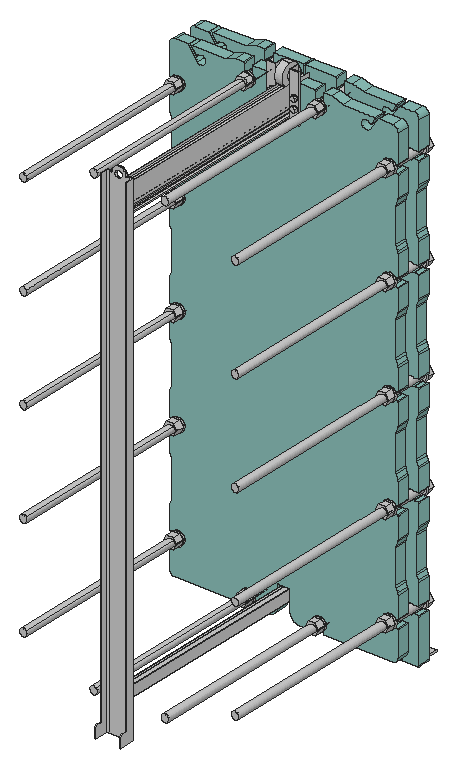
Revit family "Ekin_Endüstriyel - MIT5180", category Specialty Equipment, Revit 2022 (continued)
Forms (mm)
  Extrusion 17, void
    sketch origin (202.5, -37.5, 7.5) x (0, 1, 0) y (-1, 0, 0)
      loop
        line (88.664, 723.875) -> (122.5, 723.875) -> (122.5, 740.875) -> (88.664, 740.875)
        arc (88.664, 740.875) -> (72, 732.375) -> (88.664, 723.875) r 10.5
    from -7.5 to 77.5
  Extrusion 18, solid, material "Galvanized Steel- S235JR"
    sketch origin (0, 0, 0) x (0, 1, 0) y (0, 0, 1)
      loop
        line (8, 11) -> (8, 85) -> (0, 85) -> (0, 3)
        arc (0, 3) -> (0.879, 0.879) -> (3, 0) r 3
        line (3, 0) -> (85, 0) -> (85, 8) -> (11, 8)
        arc (11, 8) -> (8.879, 8.879) -> (8, 11) r 3
    from -570 to 570
  Extrusion 19, solid, material "Galvanized Steel- S235JR"
    sketch origin (4.063, -196, 754.6) x (1, 0, 0) y (0, 0, 1)
      loop
        line (77.937, 1650.6) -> (77.937, 1900.6) -> (32.937, 1900.6) -> (32.937, 1650.6) -> (77.937, 1650.6)
      loop
        line (-86.063, 1650.6) -> (-41.063, 1650.6) -> (-41.063, 1900.6) -> (-86.063, 1900.6) -> (-86.063, 1650.6)
      loop
        circle (-61.775, 1778.105) r 8
      loop
        circle (-61.775, 1728.105) r 8
      loop
        circle (53.645, 1778.105) r 8
      loop
        circle (53.645, 1728.105) r 8
    from 6 to 2
  Extrusion 20, solid, material "Galvanized Steel- S235JR"
    sketch origin (4.063, -198, 754.6) x (-1, 0, 0) y (0, 0, 1)
      loop
        line (-32.937, 1650.6) -> (-32.937, 1900.6) -> (-36.937, 1900.6) -> (-36.937, 1650.6) -> (-32.937, 1650.6)
      loop
        line (41.063, 1650.6) -> (45.063, 1650.6) -> (45.063, 1900.6) -> (41.063, 1900.6) -> (41.063, 1650.6)
    from 0 to 42
  Extrusion 21, solid, material "Galvanized Steel- S235JR"
    sketch origin (-37, -194.562, 2422.692) x (0, 0, 1) y (0, -1, 0)
      loop
        circle (190, -19) r 55
      loop
        circle (190, -19) r 25
    from 17 to 57
  Extrusion 22, solid, material "Galvanized Steel- S235JR"
    sketch origin (-37, -194.563, 2422.701) x (0, 0, 1) y (0, -1, 0)
      loop
        circle (190, -19) r 24.5
    from 0 to 74
  Extrusion 23, solid, material "Galvanized Steel- S235JR"
    sketch origin (-37, -194.562, 2422.692) x (0, 0, 1) y (0, -1, 0)
      loop
        circle (190, -19) r 8
    from -24.052 to 98.5
  Extrusion 24, solid, material "Galvanized Steel- S235JR", detail levels fine
    sketch origin (-37, -194.562, 2422.692) x (0, 0, 1) y (0, -1, 0)
      loop
        line (202.813, -23.837) -> (199.73, -9.822) -> (186.917, -5.985) -> (177.187, -15.163) -> (180.27, -29.178) -> (193.083, -33.015) -> (202.813, -23.837)
    from -15 to 89
  Extrusion 25, solid, material "Galvanized Steel- S235JR", detail levels fine
    sketch origin (-37, -194.562, 2422.692) x (0, 0, 1) y (0, -1, 0)
      loop
        circle (190, -19) r 15
    from -7 to 81
  Extrusion 26, solid, material "Galvanized Steel- S235JR", detail levels medium+fine
    sketch origin (6.091, -196, 1109.777) x (1, 0, 0) y (0, 0, 1)
      loop
        circle (53.645, 1418.117) r 15
      loop
        circle (53.645, 1368.117) r 15
      loop
        circle (-61.771, 1418.117) r 15
      loop
        circle (-61.771, 1368.117) r 15
    from 7.3 to 6
  Extrusion 27, solid, material "Galvanized Steel- S235JR", detail levels medium+fine
    sketch origin (6.091, -196, 1109.777) x (1, 0, 0) y (0, 0, 1)
      loop
        line (66.637, 1424.403) -> (54.697, 1432.512) -> (41.704, 1426.226) -> (40.652, 1411.83) -> (52.592, 1403.721) -> (65.585, 1410.007) -> (66.637, 1424.403)
      loop
        line (54.697, 1382.512) -> (41.704, 1376.226) -> (40.652, 1361.83) -> (52.592, 1353.721) -> (65.585, 1360.007) -> (66.637, 1374.403) -> (54.697, 1382.512)
      loop
        line (-74.764, 1424.403) -> (-73.711, 1410.007) -> (-60.718, 1403.721) -> (-48.778, 1411.83) -> (-49.83, 1426.226) -> (-62.823, 1432.512) -> (-74.764, 1424.403)
      loop
        line (-62.823, 1382.512) -> (-74.764, 1374.403) -> (-73.711, 1360.007) -> (-60.718, 1353.721) -> (-48.778, 1361.83) -> (-49.83, 1376.226) -> (-62.823, 1382.512)
    from 17.3 to 7.3
  Extrusion 28, solid, material "AISI 316L/Titanium/Hastelloy", detail levels fine
    sketch origin (6.091, -136, 768.238) x (-1, 0, 0) y (0, 0, 1)
      loop
        circle (61.775, 1759.61) r 15
      loop
        circle (61.775, 1709.61) r 15
      loop
        circle (-53.645, 1759.61) r 15
      loop
        circle (-53.645, 1709.61) r 15
    from 0 to 2.7
  Extrusion 29, solid, material "AISI 316L/Titanium/Hastelloy", detail levels fine
    sketch origin (6.091, -136, 1109.777) x (-1, 0, 0) y (0, 0, 1)
      loop
        line (73.378, 1424.725) -> (61.815, 1431.447) -> (50.212, 1424.794) -> (50.173, 1411.419) -> (61.736, 1404.697) -> (73.339, 1411.35) -> (73.378, 1424.725)
      loop
        line (61.815, 1381.447) -> (50.212, 1374.794) -> (50.173, 1361.419) -> (61.736, 1354.697) -> (73.339, 1361.35) -> (73.378, 1374.725) -> (61.815, 1381.447)
      loop
        line (-65.252, 1424.725) -> (-65.213, 1411.35) -> (-53.61, 1404.697) -> (-42.047, 1411.419) -> (-42.086, 1424.794) -> (-53.689, 1431.447) -> (-65.252, 1424.725)
      loop
        line (-53.689, 1381.447) -> (-65.252, 1374.725) -> (-65.213, 1361.35) -> (-53.61, 1354.697) -> (-42.047, 1361.419) -> (-42.086, 1374.794) -> (-53.689, 1381.447)
    from 3 to 10.7
  Extrusion 30, solid, material "AISI 316L/Titanium/Hastelloy"
    sketch origin (6.091, -136, 1109.777) x (-1, 0, 0) y (0, 0, 1)
      loop
        circle (61.775, 1418.072) r 8
      loop
        circle (61.775, 1368.072) r 8
      loop
        circle (-53.645, 1418.072) r 8
      loop
        circle (-53.645, 1368.072) r 8
    from -66 to 24.122
  Extrusion 31, solid, material "AISI 316L/Titanium/Hastelloy", detail levels fine
    sketch origin (0, -60, 0) x (-1, 0, 0) y (0, 0, 1)
      loop
        line (-497.5, 2364.5) -> (-497.5, 277.5) -> (-417.5, 197.5) -> (-27.5, 197.5) -> (-20.25, 202.5) -> (-20.25, 210.5) -> (-31.702, 221.264)
        arc (-31.702, 221.264) -> (-32.557, 229.753) -> (-24.268, 231.775) r 6.5
        line (-24.268, 231.775) -> (-6.424, 222.561)
        arc (-6.424, 222.561) -> (0, 221) -> (6.424, 222.561) r 14
        line (6.424, 222.561) -> (24.268, 231.775)
        arc (24.268, 231.775) -> (32.557, 229.753) -> (31.702, 221.264) r 6.5
        line (31.702, 221.264) -> (20.25, 210.5) -> (20.25, 202.5) -> (27.5, 197.5) -> (417.5, 197.5) -> (497.5, 277.5) -> (497.5, 2364.5) -> (417.5, 2444.5) -> (27.5, 2444.5) -> (20.25, 2439.5) -> (20.25, 2431.5) -> (31.702, 2420.736)
        arc (31.702, 2420.736) -> (32.557, 2412.247) -> (24.268, 2410.225) r 6.5
        line (24.268, 2410.225) -> (6.424, 2419.439)
        arc (6.424, 2419.439) -> (0, 2421) -> (-6.424, 2419.439) r 14
        line (-6.424, 2419.439) -> (-24.268, 2410.225)
        arc (-24.268, 2410.225) -> (-32.557, 2412.247) -> (-31.702, 2420.736) r 6.5
        line (-31.702, 2420.736) -> (-20.25, 2431.5) -> (-20.25, 2439.5) -> (-27.5, 2444.5) -> (-417.5, 2444.5) -> (-497.5, 2364.5)
      loop
        circle (298, 2242) r 165
      loop
        circle (-298, 2242) r 165
      loop
        circle (-298, 400) r 165
      loop
        circle (298, 400) r 165
    from 0 to -76
  Extrusion 32, void
    sketch origin (-52.5, -1268, 0) x (1, 0, 0) y (0, 0, 1)
      loop
        arc (17, 2620) -> (52.5, 2655.5) -> (88, 2620) r 35.5
        line (88, 2620) -> (120, 2620) -> (120, 2685) -> (-15, 2685) -> (-15, 2620) -> (17, 2620)
      loop
        circle (52.5, 2618.5) r 20
    from -8 to 72
  Extrusion 33, void
    sketch origin (-67.5, -1340, 0) x (0, 1, 0) y (0, 0, -1)
      loop
        arc (15, -60) -> (4.393, -55.607) -> (0, -45) r 15
        line (0, -45) -> (0, -2655.2) -> (35, -2655.2) -> (35, -60) -> (15, -60)
    from -143.878 to 16.14
  Extrusion 34, solid, material "Galvanized Steel- S235JR", detail levels fine
    sketch origin (0, 0, 0) x (1, 0, 0) y (0, 0, 1)
      loop
        circle (505, 45) r 15
      loop
        circle (-505, 45) r 15
    from -11 to -8
  Extrusion 35, solid, material "Galvanized Steel- S235JR", detail levels coarse
    sketch origin (0, 0, 0) x (0, 1, 0) y (1, 0, 0)
      loop
        line (-1340, -67.5) -> (-1260, -67.5) -> (-1260, 67.5) -> (-1340, 67.5) -> (-1340, -67.5)
    from 0 to -2655.2
  Extrusion 36, solid, material "Galvanized Steel", detail levels medium
    sketch origin (4.063, 0, 0) x (1, 0, 0) y (0, 0, 1)
      loop
        line (560.937, 2580) -> (300.887, 2580) -> (245.937, 2600) -> (-254.063, 2600) -> (-309.013, 2580) -> (-569.063, 2580)
        arc (-569.063, 2580) -> (-590.276, 2571.213) -> (-599.063, 2550) r 30
        line (-599.063, 2550) -> (-599.063, 0) -> (-419.063, 0) -> (-419.063, 37.5) -> (-381.563, 75) -> (373.437, 75) -> (410.937, 37.5) -> (410.937, 0) -> (590.937, 0) -> (590.937, 2550)
        arc (590.937, 2550) -> (582.15, 2571.213) -> (560.937, 2580) r 30
      loop
        circle (293.937, 2242) r 159
      loop
        circle (293.937, 400) r 159
      loop
        circle (-4.063, 199) r 10.5
      loop
        circle (-4.063, 139) r 10.5
      loop
        circle (180.937, 120) r 27.5
      loop
        circle (-4.063, 2478) r 10.5
      loop
        circle (-4.063, 2538) r 10.5
      loop
        circle (500.937, 45) r 10.5
      loop
        circle (546.937, 2381) r 27.5
      loop
        circle (546.937, 1851) r 27.5
      loop
        circle (546.937, 1321) r 27.5
      loop
        circle (546.937, 791) r 27.5
      loop
        circle (546.937, 261) r 27.5
      loop
        circle (180.937, 2530) r 27.5
      loop
        circle (425.937, 2530) r 25
      loop
        circle (-302.063, 2242) r 159
      loop
        circle (-302.063, 400) r 159
      loop
        circle (-189.063, 120) r 27.5
      loop
        circle (-509.063, 45) r 10.5
      loop
        circle (-555.063, 2381) r 27.5
      loop
        circle (-555.063, 1851) r 27.5
      loop
        circle (-555.063, 1321) r 27.5
      loop
        circle (-555.063, 791) r 27.5
      loop
        circle (-555.063, 261) r 27.5
      loop
        circle (-189.063, 2530) r 27.5
      loop
        circle (-434.063, 2530) r 25
    from 0 to 60
  Extrusion 37, solid, material "Galvanized Steel", detail levels medium
    sketch origin (4.063, -136, 0) x (-1, 0, 0) y (0, 0, 1)
      loop
        arc (-560.937, 2580) -> (-582.15, 2571.213) -> (-590.937, 2550) r 30
        line (-590.937, 2550) -> (-590.937, 105)
        arc (-590.937, 105) -> (-582.15, 83.787) -> (-560.937, 75) r 30
        line (-560.937, 75) -> (-25.937, 75) -> (-25.937, 230) -> (34.063, 230) -> (34.063, 75) -> (569.063, 75)
        arc (569.063, 75) -> (590.276, 83.787) -> (599.063, 105) r 30
        line (599.063, 105) -> (599.063, 2550)
        arc (599.063, 2550) -> (590.276, 2571.213) -> (569.063, 2580) r 30
        line (569.063, 2580) -> (309.013, 2580) -> (254.063, 2600) -> (79.063, 2600) -> (79.063, 2545) -> (45.063, 2545) -> (45.063, 2400) -> (-36.937, 2400) -> (-36.937, 2545) -> (-70.937, 2545) -> (-70.937, 2600) -> (-245.937, 2600) -> (-300.887, 2580) -> (-560.937, 2580)
      loop
        circle (-425.937, 2530) r 25
      loop
        circle (-180.937, 2530) r 27.5
      loop
        circle (-180.937, 120) r 27.5
      loop
        circle (-546.937, 261) r 27.5
      loop
        circle (-546.937, 791) r 27.5
      loop
        circle (-546.937, 1321) r 27.5
      loop
        circle (-546.937, 1851) r 27.5
      loop
        circle (-546.937, 2381) r 27.5
      loop
        circle (-53.687, 2527.2) r 10.5
      loop
        circle (-53.687, 2477.2) r 10.5
      loop
        circle (434.063, 2530) r 25
      loop
        circle (189.063, 2530) r 27.5
      loop
        circle (189.063, 120) r 27.5
      loop
        circle (555.063, 261) r 27.5
      loop
        circle (555.063, 791) r 27.5
      loop
        circle (555.063, 1321) r 27.5
      loop
        circle (555.063, 1851) r 27.5
      loop
        circle (555.063, 2381) r 27.5
      loop
        circle (61.813, 2527.2) r 10.5
      loop
        circle (61.813, 2477.2) r 10.5
    from 0 to -60 <- "Follower Plate"
  Extrusion 38, solid, material "AISI 316L/Titanium/Hastelloy", detail levels medium
    sketch origin (0, -60, 0) x (-1, 0, 0) y (0, 0, 1)
      loop
        line (-497.5, 2364.5) -> (-497.5, 277.5) -> (-417.5, 197.5) -> (-27.5, 197.5) -> (-20.25, 202.5) -> (-20.25, 210.5) -> (-36.519, 225.791) -> (-28.4, 233.91) -> (-3.401, 221) -> (3.401, 221) -> (29.352, 234.401) -> (35.773, 225.09) -> (20.25, 210.5) -> (20.25, 202.5) -> (27.5, 197.5) -> (417.5, 197.5) -> (497.5, 277.5) -> (497.5, 2364.5) -> (417.5, 2444.5) -> (27.5, 2444.5) -> (20.25, 2439.5) -> (20.25, 2431.5) -> (35.773, 2416.91) -> (29.352, 2407.599) -> (3.401, 2421) -> (-3.401, 2421) -> (-28.4, 2408.09) -> (-36.519, 2416.209) -> (-20.25, 2431.5) -> (-20.25, 2439.5) -> (-27.5, 2444.5) -> (-417.5, 2444.5) -> (-497.5, 2364.5)
      loop
        circle (298, 2242) r 165
      loop
        circle (-298, 2242) r 165
      loop
        circle (-298, 400) r 165
      loop
        circle (298, 400) r 165
    from 0 to -76
  Extrusion 39, solid, material "Galvanized Steel", detail levels coarse
    sketch origin (4.063, 0, 0) x (1, 0, 0) y (0, 0, 1)
      loop
        line (590.937, 2600) -> (-599.063, 2600) -> (-599.063, 0) -> (590.937, 0) -> (590.937, 2600)
      loop
        circle (-4.063, 199) r 10.5
      loop
        circle (-4.063, 139) r 10.5
      loop
        circle (180.937, 120) r 27.5
      loop
        circle (-4.063, 2478) r 10.5
      loop
        circle (-4.063, 2538) r 10.5
      loop
        circle (500.937, 45) r 10.5
      loop
        circle (546.937, 2381) r 27.5
      loop
        circle (546.937, 1851) r 27.5
      loop
        circle (546.937, 1321) r 27.5
      loop
        circle (546.937, 791) r 27.5
      loop
        circle (546.937, 261) r 27.5
      loop
        circle (180.937, 2530) r 27.5
      loop
        circle (425.937, 2530) r 25
      loop
        circle (-189.063, 120) r 27.5
      loop
        circle (-509.063, 45) r 10.5
      loop
        circle (-555.063, 2381) r 27.5
      loop
        circle (-555.063, 1851) r 27.5
      loop
        circle (-555.063, 1321) r 27.5
      loop
        circle (-555.063, 791) r 27.5
      loop
        circle (-555.063, 261) r 27.5
      loop
        circle (-189.063, 2530) r 27.5
      loop
        circle (-434.063, 2530) r 25
    from 0 to 60
  Extrusion 40, solid, material "Galvanized Steel", detail levels coarse
    sketch origin (4.063, -136, 0) x (-1, 0, 0) y (0, 0, 1)
      loop
        line (-590.937, 2600) -> (-590.937, 75) -> (-25.937, 75) -> (-25.937, 230) -> (34.063, 230) -> (34.063, 75) -> (599.063, 75) -> (599.063, 2600) -> (45.063, 2600) -> (45.063, 2400) -> (-36.937, 2400) -> (-36.937, 2600) -> (-590.937, 2600)
      loop
        circle (-425.937, 2530) r 25
      loop
        circle (-180.937, 2530) r 27.5
      loop
        circle (-180.937, 120) r 27.5
      loop
        circle (-546.937, 261) r 27.5
      loop
        circle (-546.937, 791) r 27.5
      loop
        circle (-546.937, 1321) r 27.5
      loop
        circle (-546.937, 1851) r 27.5
      loop
        circle (-546.937, 2381) r 27.5
      loop
        circle (-53.687, 2527.2) r 10.5
      loop
        circle (-53.687, 2477.2) r 10.5
      loop
        circle (434.063, 2530) r 25
      loop
        circle (189.063, 2530) r 27.5
      loop
        circle (189.063, 120) r 27.5
      loop
        circle (555.063, 261) r 27.5
      loop
        circle (555.063, 791) r 27.5
      loop
        circle (555.063, 1321) r 27.5
      loop
        circle (555.063, 1851) r 27.5
      loop
        circle (555.063, 2381) r 27.5
      loop
        circle (61.813, 2527.2) r 10.5
      loop
        circle (61.813, 2477.2) r 10.5
    from 0 to -60 <- "Follower Plate"
  Extrusion 41, solid, material "AISI 316L/Titanium/Hastelloy", detail levels coarse
    sketch origin (0, -60, 0) x (-1, 0, 0) y (0, 0, 1)
      loop
        line (-497.5, 2444.5) -> (-497.5, 197.5) -> (-36.519, 197.5) -> (-36.519, 234.401) -> (35.773, 234.401) -> (35.773, 197.5) -> (497.5, 197.5) -> (497.5, 2444.5) -> (35.773, 2444.5) -> (35.773, 2408.09) -> (-36.519, 2408.09) -> (-36.519, 2444.5) -> (-497.5, 2444.5)
    from 0 to -76
  Extrusion 42, solid, material "Galvanized Steel- S235JR", detail levels coarse
    sketch origin (0, 0, 0) x (1, 0, 0) y (0, 0, 1)
      loop
        circle (298, 2242) r 230
      loop
        circle (-298, 2242) r 230
      loop
        circle (298, 400) r 230
      loop
        circle (-298, 400) r 230
    from -37 to 0
  Extrusion 43, solid, material "Galvanized Steel- S235JR", visible <- "M30"
    sketch origin (0, 0, 0) x (1, 0, 0) y (0, 0, 1)
      loop
        circle (430, 2530) r 19.5
      loop
        circle (-430, 2530) r 19.5
    from 0 to 1200
  Extrusion 44, solid, material "Galvanized Steel- S235JR", visible <- "M30", detail levels medium+fine
    sketch origin (0, 0, 0) x (1, 0, 0) y (0, 0, 1)
      loop
        line (412.446, 2559.192) -> (395.942, 2529.394) -> (413.496, 2500.202) -> (447.554, 2500.808) -> (464.058, 2530.606) -> (446.504, 2559.798) -> (412.446, 2559.192)
      loop
        line (-412.446, 2559.192) -> (-446.504, 2559.798) -> (-464.058, 2530.606) -> (-447.554, 2500.808) -> (-413.496, 2500.202) -> (-395.942, 2529.394) -> (-412.446, 2559.192)
    from -8 to -45
  Extrusion 45, solid, material "Galvanized Steel- S235JR", visible <- "M30", detail levels medium+fine
    sketch origin (0, 0, 0) x (1, 0, 0) y (0, 0, 1)
      loop
        circle (430, 2530) r 35
      loop
        circle (-430, 2530) r 35
    from 0 to -8
  Extrusion 46, solid, material "Galvanized Steel- S235JR", visible <- "M30", detail levels fine
    sketch origin (4.063, -196, 0) x (1, 0, 0) y (0, 0, 1)
      loop
        line (408.383, 2559.192) -> (391.879, 2529.394) -> (409.433, 2500.202) -> (443.491, 2500.808) -> (459.995, 2530.606) -> (442.441, 2559.798) -> (408.383, 2559.192)
      loop
        line (-416.509, 2559.192) -> (-450.567, 2559.798) -> (-468.121, 2530.606) -> (-451.617, 2500.808) -> (-417.559, 2500.202) -> (-400.005, 2529.394) -> (-416.509, 2559.192)
    from 8 to 48.4
  Extrusion 47, solid, material "Galvanized Steel- S235JR", visible <- "M30", detail levels fine
    sketch origin (4.063, -196, 0) x (1, 0, 0) y (0, 0, 1)
      loop
        circle (180.937, 2530) r 35
      loop
        circle (-189.063, 2530) r 35
    from 8 to 0
Cuts and joins
  Extrusion 17 cuts Extrusion 18
  joined: Extrusion 19, Extrusion 20
  joined: Extrusion 21, Extrusion 22
  Extrusion 32, Extrusion 33 cuts Extrusion 11
Dimensions and locks
  "Lk": plane 7 "1" to plane 6 "2"
  "Head & Follower Plate": plane 1 "Center (Front/Back)" to plane 7 "1"
  "Lc": plane 7 "1" to plane 8 "3"
  "Lc": plane 10 to plane 1 "Center (Front/Back)"
  locked: Extrusion 11 sketch curve to Extrusion 11 sketch curve at 80
  locked: Extrusion 30 to plane 6 "2" at 24.122
  aligned and locked: level to plane 2
  aligned and locked: Extrusion 1 to plane 7 "1"
  aligned and locked: Extrusion 1 to plane 1 "Center (Front/Back)"
  aligned and locked: Extrusion 4 to plane 10
  aligned and locked: Extrusion 4 to plane 1 "Center (Front/Back)"
  aligned and locked: Extrusion 3 to plane 8 "3"
  aligned and locked: Extrusion 3 to Extrusion 1
  aligned and locked: Extrusion 11 sketch curve to Extrusion 11 sketch curve
  aligned and locked: Extrusion 30 to Extrusion 26
  aligned and locked: Extrusion 31 to Extrusion 2
  aligned and locked: Extrusion 35 sketch curve to cut or joined group of Extrusion 11, Extrusion 32, Extrusion 33  (x4)
  aligned and locked: Extrusion 38 to Extrusion 37
  aligned and locked: Extrusion 38 to Extrusion 2
  aligned and locked: Extrusion 41 to Extrusion 40
  aligned and locked: Extrusion 43 to Extrusion 4
Automatic sketch dimensions
  Extrusion 1 sketch curve to Extrusion 1 sketch curve = 0.00 mm  (x56)
  Extrusion 1 sketch curve to level = 0.00 mm  (x4)
  Extrusion 1 sketch curve to plane 3 "Center (Left/Right)" = 0.00 mm  (x4)
  Extrusion 1 sketch curve to plane 3 "Center (Left/Right)" = 3.00 mm  (x4)
  Extrusion 1 sketch curve to Extrusion 1 sketch curve = 3.00 mm  (x62)
  Extrusion 1 sketch curve to Extrusion 1 sketch curve = 155.00 mm  (x4)
  level to Extrusion 1 sketch curve = 75.00 mm  (x2)
  Extrusion 1 sketch curve to Extrusion 1 sketch curve = 21.00 mm  (x21)
  Extrusion 1 sketch curve to Extrusion 1 sketch curve = 42.00 mm  (x7)
  Extrusion 1 sketch curve to Extrusion 1 sketch curve = 41.00 mm  (x2)
  Extrusion 1 sketch curve to plane 3 "Center (Left/Right)" = 298.00 mm  (x2)
  Extrusion 1 sketch curve to Extrusion 1 sketch curve = 54.95 mm  (x2)
  Extrusion 1 sketch curve to Extrusion 1 sketch curve = 160.216 mm  (x2)
  level to Extrusion 1 sketch curve = 69.142 mm  (x2)
  Extrusion 1 sketch curve to Extrusion 1 sketch curve = 14.142 mm  (x4)
  Extrusion 1 sketch curve to Extrusion 1 sketch curve = 25.784 mm  (x2)
  level to Extrusion 1 sketch curve = 43.358 mm  (x2)
  level to Extrusion 1 sketch curve = 10.00 mm  (x4)
  Extrusion 1 sketch curve to Extrusion 1 sketch curve = 20.00 mm
  Extrusion 1 sketch curve to Extrusion 1 sketch curve = 125.05 mm  (x2)
  Extrusion 1 sketch curve to Extrusion 1 sketch curve = 20.479 mm  (x2)
  Extrusion 1 sketch curve to Extrusion 1 sketch curve = 23.192 mm  (x2)
  Extrusion 1 sketch curve to Extrusion 1 sketch curve = 2.457 mm  (x6)
  Extrusion 1 sketch curve to Extrusion 1 sketch curve = 21.925 mm  (x2)
  Extrusion 1 sketch curve to Extrusion 1 sketch curve = 17.059 mm  (x2)
  level to Extrusion 1 sketch curve = 32.907 mm
  Extrusion 1 sketch curve to Extrusion 1 sketch curve = 74.00 mm  (x4)
  level to Extrusion 1 sketch curve = 3.00 mm  (x4)
  Extrusion 1 sketch curve to Extrusion 1 sketch curve = 6.00 mm  (x2)
  plane 5 to Extrusion 1 sketch curve = 449.00 mm  (x3)
  Extrusion 1 sketch curve to Extrusion 1 sketch curve = 46.00 mm  (x2)
  Extrusion 1 sketch curve to Extrusion 1 sketch curve = 100.521 mm  (x2)
  Extrusion 1 sketch curve to Extrusion 1 sketch curve = 14.00 mm  (x16)
  Extrusion 1 sketch curve to Extrusion 1 sketch curve = 67.909 mm  (x2)
  Extrusion 1 sketch curve to Extrusion 1 sketch curve = 18.822 mm  (x26)
  Extrusion 1 sketch curve to Extrusion 1 sketch curve = 18.00 mm  (x8)
  Extrusion 1 sketch curve to Extrusion 1 sketch curve = 1.809 mm  (x23)
  Extrusion 1 sketch curve to Extrusion 1 sketch curve = 22.178 mm  (x18)
  Extrusion 1 sketch curve to Extrusion 1 sketch curve = 8.382 mm  (x16)
  Extrusion 1 sketch curve to Extrusion 1 sketch curve = 28.191 mm  (x11)
  Extrusion 1 sketch curve to Extrusion 1 sketch curve = 30.00 mm  (x6)
  plane 3 "Center (Left/Right)" to Extrusion 1 sketch curve = 3.00 mm  (x4)
  plane 3 "Center (Left/Right)" to Extrusion 1 sketch curve = 298.00 mm  (x2)
  level to Extrusion 1 sketch curve = 55.00 mm
  Extrusion 1 sketch curve to Extrusion 1 sketch curve = 5.858 mm
  Extrusion 1 sketch curve to Extrusion 1 sketch curve = 253.00 mm  (x2)
  level to Extrusion 1 sketch curve = 428.529 mm
  Extrusion 1 sketch curve to Extrusion 1 sketch curve = 29.907 mm
  Extrusion 1 sketch curve to Extrusion 1 sketch curve = 12.093 mm  (x8)
  Extrusion 1 sketch curve to Extrusion 1 sketch curve = 23.178 mm  (x4)
  Extrusion 1 sketch curve to Extrusion 1 sketch curve = 48.907 mm
  Extrusion 1 sketch curve to Extrusion 1 sketch curve = 35.813 mm  (x2)
  Extrusion 1 sketch curve to Extrusion 1 sketch curve = 192.00 mm
  Extrusion 1 sketch curve to Extrusion 1 sketch curve = 191.529 mm
  Extrusion 1 sketch curve to Extrusion 1 sketch curve = 110.24 mm  (x15)
  Extrusion 1 sketch curve to Extrusion 1 sketch curve = 33.289 mm
  Extrusion 1 sketch curve to Extrusion 1 sketch curve = 4.76 mm  (x4)
  Extrusion 1 sketch curve to Extrusion 1 sketch curve = 23.028 mm  (x15)
  Extrusion 1 sketch curve to Extrusion 1 sketch curve = 174.42 mm  (x8)
  Extrusion 1 sketch curve to Extrusion 1 sketch curve = 236.00 mm
  Extrusion 1 sketch curve to Extrusion 1 sketch curve = 110.661 mm  (x2)
  Extrusion 1 sketch curve to Extrusion 1 sketch curve = 14.339 mm  (x2)
  Extrusion 1 sketch curve to Extrusion 1 sketch curve = 4.093 mm  (x2)
  Extrusion 1 sketch curve to Extrusion 1 sketch curve = 28.307 mm  (x2)
  Extrusion 1 sketch curve to Extrusion 1 sketch curve = 1.721 mm  (x4)
  Extrusion 1 sketch curve to Extrusion 1 sketch curve = 6.033 mm  (x2)
  Extrusion 1 sketch curve to Extrusion 1 sketch curve = 4.721 mm  (x2)
  Extrusion 1 sketch curve to Extrusion 1 sketch curve = 46.907 mm
  Extrusion 1 sketch curve to Extrusion 1 sketch curve = 48.178 mm
  Extrusion 1 sketch curve to plane 3 "Center (Left/Right)" = 158.297 mm  (x2)
  Extrusion 1 sketch curve to Extrusion 1 sketch curve = 113.297 mm  (x2)
  Extrusion 1 sketch curve to Extrusion 1 sketch curve = 145.297 mm  (x2)
  plane 3 "Center (Left/Right)" to Extrusion 1 sketch curve = 158.297 mm  (x2)
  Extrusion 1 sketch curve to Extrusion 1 sketch curve = 63.079 mm  (x2)
  Extrusion 1 sketch curve to Extrusion 1 sketch curve = 37.131 mm  (x2)
  Extrusion 2 sketch curve to plane 4 = 547.00 mm  (x2)
  Extrusion 2 sketch curve to Extrusion 2 sketch curve = 0.00 mm  (x43)
  Extrusion 2 sketch curve to Extrusion 2 sketch curve = 18.00 mm  (x9)
  level to Extrusion 2 sketch curve = 105.00 mm
  Extrusion 2 sketch curve to Extrusion 2 sketch curve = 1.809 mm  (x23)
  level to Extrusion 2 sketch curve = 405.501 mm
  Extrusion 2 sketch curve to Extrusion 2 sketch curve = 3.00 mm  (x50)
  Extrusion 2 sketch curve to Extrusion 2 sketch curve = 8.382 mm  (x16)
  Extrusion 2 sketch curve to Extrusion 2 sketch curve = 22.178 mm  (x20)
  Extrusion 2 sketch curve to Extrusion 2 sketch curve = 28.191 mm  (x11)
  Extrusion 2 sketch curve to Extrusion 2 sketch curve = 30.00 mm  (x8)
  Extrusion 2 sketch curve to Extrusion 2 sketch curve = 18.822 mm  (x21)
  Extrusion 2 sketch curve to Extrusion 2 sketch curve = 67.909 mm  (x2)
  Extrusion 2 sketch curve to Extrusion 2 sketch curve = 2.457 mm  (x6)
  Extrusion 2 sketch curve to Extrusion 2 sketch curve = 17.059 mm  (x2)
  Extrusion 2 sketch curve to Extrusion 2 sketch curve = 21.925 mm  (x2)
  Extrusion 2 sketch curve to Extrusion 2 sketch curve = 5.171 mm
  Extrusion 2 sketch curve to Extrusion 2 sketch curve = 20.479 mm  (x2)
  Extrusion 2 sketch curve to Extrusion 2 sketch curve = 125.05 mm  (x2)
  Extrusion 2 sketch curve to Extrusion 2 sketch curve = 54.95 mm  (x2)
  Extrusion 2 sketch curve to Extrusion 2 sketch curve = 41.00 mm  (x2)
  plane 3 "Center (Left/Right)" to Extrusion 2 sketch curve = 209.00 mm
  Extrusion 2 sketch curve to Extrusion 2 sketch curve = 21.00 mm  (x20)
  Extrusion 2 sketch curve to Extrusion 2 sketch curve = 42.00 mm  (x8)
  plane 3 "Center (Left/Right)" to Extrusion 2 sketch curve = 80.00 mm
  plane 3 "Center (Left/Right)" to Extrusion 2 sketch curve = 75.00 mm
  Extrusion 2 sketch curve to Extrusion 2 sketch curve = 17.25 mm
  Extrusion 2 sketch curve to Extrusion 2 sketch curve = 10.062 mm  (x4)
  plane 3 "Center (Left/Right)" to Extrusion 2 sketch curve = 41.00 mm
  Extrusion 2 sketch curve to Extrusion 2 sketch curve = 6.688 mm  (x3)
  plane 3 "Center (Left/Right)" to Extrusion 2 sketch curve = 30.00 mm
  Extrusion 2 sketch curve to plane 3 "Center (Left/Right)" = 30.00 mm
  Extrusion 2 sketch curve to plane 3 "Center (Left/Right)" = 41.00 mm  (x2)
  Extrusion 2 sketch curve to Extrusion 2 sketch curve = 34.00 mm
  Extrusion 2 sketch curve to Extrusion 2 sketch curve = 50.00 mm
  Extrusion 2 sketch curve to Extrusion 2 sketch curve = 81.00 mm
  Extrusion 2 sketch curve to Extrusion 2 sketch curve = 86.00 mm
  Extrusion 2 sketch curve to Extrusion 2 sketch curve = 23.192 mm
  Extrusion 2 sketch curve to Extrusion 2 sketch curve = 342.00 mm
  plane 5 to Extrusion 2 sketch curve = 449.00 mm  (x3)
  Extrusion 2 sketch curve to Extrusion 2 sketch curve = 100.521 mm
  Extrusion 2 sketch curve to Extrusion 2 sketch curve = 14.00 mm  (x9)
  level to Extrusion 2 sketch curve = 75.00 mm  (x2)
  Extrusion 2 sketch curve to Extrusion 2 sketch curve = 23.178 mm  (x4)
  Extrusion 2 sketch curve to Extrusion 2 sketch curve = 105.00 mm
  Extrusion 2 sketch curve to Extrusion 2 sketch curve = 132.00 mm  (x2)
  Extrusion 2 sketch curve to Extrusion 2 sketch curve = 110.24 mm  (x15)
  Extrusion 2 sketch curve to Extrusion 2 sketch curve = 23.028 mm  (x16)
  Extrusion 2 sketch curve to Extrusion 2 sketch curve = 174.42 mm  (x8)
  Extrusion 2 sketch curve to Extrusion 2 sketch curve = 19.00 mm
  Extrusion 2 sketch curve to Extrusion 2 sketch curve = 74.20 mm  (x2)
  Extrusion 2 sketch curve to Extrusion 2 sketch curve = 110.661 mm  (x2)
  Extrusion 2 sketch curve to Extrusion 2 sketch curve = 44.00 mm  (x2)
  Extrusion 2 sketch curve to Extrusion 2 sketch curve = 14.339 mm  (x2)
  Extrusion 2 sketch curve to Extrusion 2 sketch curve = 2.80 mm  (x2)
  Extrusion 2 sketch curve to Extrusion 2 sketch curve = 28.307 mm  (x2)
  Extrusion 2 sketch curve to Extrusion 2 sketch curve = 14.80 mm  (x2)
  Extrusion 2 sketch curve to Extrusion 2 sketch curve = 1.721 mm  (x4)
  Extrusion 2 sketch curve to Extrusion 2 sketch curve = 6.033 mm  (x2)
  Extrusion 2 sketch curve to Extrusion 2 sketch curve = 4.721 mm  (x2)
  Extrusion 2 sketch curve to Extrusion 2 sketch curve = 48.178 mm  (x2)
  Extrusion 3 sketch curve to plane 3 "Center (Left/Right)" = 26.125 mm
  Extrusion 3 sketch curve to plane 3 "Center (Left/Right)" = 23.125 mm
  Extrusion 3 sketch curve to Extrusion 3 sketch curve = 2.00 mm  (x11)
  Extrusion 3 sketch curve to Extrusion 3 sketch curve = 3.00 mm  (x9)
  Extrusion 3 sketch curve to plane 3 "Center (Left/Right)" = 20.00 mm
  Extrusion 3 sketch curve to Extrusion 3 sketch curve = 6.00 mm  (x2)
  Extrusion 3 sketch curve to plane 3 "Center (Left/Right)" = 6.125 mm  (x2)
  Extrusion 3 sketch curve to plane 3 "Center (Left/Right)" = 3.125 mm
  plane 3 "Center (Left/Right)" to Extrusion 3 sketch curve = 2.875 mm  (x2)
  plane 3 "Center (Left/Right)" to Extrusion 3 sketch curve = 12.875 mm
  Extrusion 3 sketch curve to Extrusion 3 sketch curve = 7.00 mm  (x2)
  plane 3 "Center (Left/Right)" to Extrusion 3 sketch curve = 13.00 mm  (x2)
  Extrusion 3 sketch curve to Extrusion 3 sketch curve = 5.00 mm  (x4)
  Extrusion 3 sketch curve to Extrusion 3 sketch curve = 8.00 mm
  Extrusion 3 sketch curve to Extrusion 3 sketch curve = 20.00 mm
  level to Extrusion 3 sketch curve = 159.00 mm
  Extrusion 3 sketch curve to Extrusion 3 sketch curve = 46.00 mm
  Extrusion 3 sketch curve to Extrusion 3 sketch curve = 2203.00 mm
  Extrusion 3 sketch curve to Extrusion 3 sketch curve = 0.00 mm  (x3)
  Extrusion 3 sketch curve to Extrusion 3 sketch curve = 24.00 mm
  Extrusion 3 sketch curve to Extrusion 3 sketch curve = 86.00 mm
  Extrusion 3 sketch curve to Extrusion 3 sketch curve = 12.00 mm  (x2)
  Extrusion 4 sketch curve to Extrusion 4 sketch curve = 0.00 mm  (x30)
  plane 5 to Extrusion 4 sketch curve = 449.00 mm  (x5)
  Extrusion 4 sketch curve to plane 3 "Center (Left/Right)" = 185.00 mm  (x2)
  plane 3 "Center (Left/Right)" to Extrusion 4 sketch curve = 185.00 mm  (x2)
  plane 3 "Center (Left/Right)" to Extrusion 4 sketch curve = 551.00 mm  (x2)
  Extrusion 4 sketch curve to Extrusion 4 sketch curve = 366.00 mm  (x2)
  level to Extrusion 4 sketch curve = 120.00 mm  (x2)
  level to Extrusion 4 sketch curve = 261.00 mm  (x2)
  Extrusion 4 sketch curve to Extrusion 4 sketch curve = 530.00 mm  (x8)
  Extrusion 4 sketch curve to Extrusion 4 sketch curve = 149.00 mm
  Extrusion 4 sketch curve to Extrusion 4 sketch curve = 14.302 mm  (x20)
  Extrusion 4 sketch curve to Extrusion 4 sketch curve = 12.735 mm  (x8)
  Extrusion 4 sketch curve to Extrusion 4 sketch curve = 14.767 mm  (x4)
  Extrusion 4 sketch curve to Extrusion 4 sketch curve = 13.255 mm  (x10)
  level to Extrusion 5 sketch curve = 42.833 mm  (x2)
  plane 5 to Extrusion 5 sketch curve = 480.73 mm
  level to Extrusion 5 sketch curve = 56.275 mm  (x2)
  Extrusion 5 sketch curve to Extrusion 5 sketch curve = 5.259 mm  (x4)
  level to Extrusion 5 sketch curve = 31.558 mm  (x2)
  Extrusion 5 sketch curve to Extrusion 5 sketch curve = 9.011 mm  (x2)
  level to Extrusion 5 sketch curve = 58.442 mm  (x2)
  Extrusion 5 sketch curve to Extrusion 5 sketch curve = 14.27 mm  (x4)
  level to Extrusion 5 sketch curve = 33.725 mm  (x2)
  level to Extrusion 5 sketch curve = 47.167 mm  (x2)
  plane 3 "Center (Left/Right)" to Extrusion 5 sketch curve = 490.73 mm
  Extrusion 6 sketch curve to Extrusion 6 sketch curve = 0.00 mm  (x2)
  Extrusion 6 sketch curve to Extrusion 1 = 2.465 mm  (x4)
  Extrusion 7 sketch curve to Extrusion 7 sketch curve = 0.00 mm  (x4)
  level to Extrusion 7 sketch curve = 45.00 mm  (x2)
  plane 5 to Extrusion 7 sketch curve = 495.00 mm
  plane 3 "Center (Left/Right)" to Extrusion 7 sketch curve = 505.00 mm
  Extrusion 7 sketch curve to Extrusion 7 sketch curve = 2.915 mm  (x4)
  Extrusion 7 sketch curve to Extrusion 7 sketch curve = 7.45 mm  (x2)
  Extrusion 8 sketch curve to Extrusion 1 = 11.27 mm  (x4)
  Extrusion 8 sketch curve to Extrusion 1 = 6.011 mm  (x4)
  Extrusion 8 sketch curve to Extrusion 1 = 2.259 mm  (x4)
  Extrusion 8 sketch curve to Extrusion 1 = 31.558 mm  (x2)
  Extrusion 8 sketch curve to Extrusion 8 sketch curve = 2.167 mm  (x3)
  Extrusion 8 sketch curve to Extrusion 8 sketch curve = 11.275 mm  (x3)
  Extrusion 8 sketch curve to Extrusion 8 sketch curve = 13.442 mm  (x4)
  plane 5 to Extrusion 9 sketch curve = 484.404 mm  (x2)
  Extrusion 9 sketch curve to Extrusion 9 sketch curve = 0.613 mm  (x2)
  Extrusion 9 sketch curve to Extrusion 9 sketch curve = 4.021 mm  (x80)
  Extrusion 9 sketch curve to Extrusion 9 sketch curve = 6.308 mm  (x65)
  Extrusion 9 sketch curve to Extrusion 9 sketch curve = 13.273 mm  (x79)
  Extrusion 9 sketch curve to Extrusion 9 sketch curve = 14.947 mm  (x64)
  Extrusion 9 sketch curve to Extrusion 9 sketch curve = 18.969 mm  (x96)
  Extrusion 9 sketch curve to Extrusion 9 sketch curve = 19.581 mm  (x96)
  Extrusion 9 sketch curve to Extrusion 9 sketch curve = 29.455 mm  (x4)
  Extrusion 9 sketch curve to Extrusion 9 sketch curve = 27.781 mm  (x12)
  Extrusion 9 sketch curve to Extrusion 9 sketch curve = 57.37 mm  (x12)
  Extrusion 9 sketch curve to Extrusion 9 sketch curve = 59.657 mm  (x4)
  Extrusion 9 sketch curve to Extrusion 9 sketch curve = 66.953 mm  (x4)
  Extrusion 9 sketch curve to Extrusion 9 sketch curve = 68.179 mm  (x4)
  Extrusion 9 sketch curve to Extrusion 9 sketch curve = 53.349 mm  (x16)
  Extrusion 9 sketch curve to Extrusion 9 sketch curve = 18.529 mm  (x4)
  Extrusion 9 sketch curve to Extrusion 9 sketch curve = 20.816 mm  (x12)
  plane 3 "Center (Left/Right)" to Extrusion 9 sketch curve = 80.404 mm  (x2)
  plane 3 "Center (Left/Right)" to Extrusion 9 sketch curve = 81.017 mm  (x2)
  level to Extrusion 9 sketch curve = 182.404 mm  (x2)
  Extrusion 9 sketch curve to Extrusion 9 sketch curve = 0.00 mm  (x5)
  Extrusion 9 sketch curve to Extrusion 9 sketch curve = 67.566 mm  (x8)
  Extrusion 9 sketch curve to Extrusion 9 sketch curve = 1407.42 mm
  Extrusion 10 sketch curve to plane 3 "Center (Left/Right)" = 12.806 mm  (x4)
  Extrusion 10 sketch curve to plane 3 "Center (Left/Right)" = 12.169 mm  (x4)
  Extrusion 10 sketch curve to plane 3 "Center (Left/Right)" = 0.637 mm  (x4)
  plane 3 "Center (Left/Right)" to Extrusion 10 sketch curve = 0.637 mm  (x4)
  plane 3 "Center (Left/Right)" to Extrusion 10 sketch curve = 12.169 mm  (x4)
  plane 3 "Center (Left/Right)" to Extrusion 10 sketch curve = 12.806 mm  (x4)
  level to Extrusion 10 sketch curve = 124.58 mm
  Extrusion 10 sketch curve to Extrusion 10 sketch curve = 6.658 mm  (x4)
  Extrusion 10 sketch curve to Extrusion 10 sketch curve = 7.762 mm  (x8)
  Extrusion 10 sketch curve to Extrusion 10 sketch curve = 14.42 mm  (x8)
  Extrusion 10 sketch curve to Extrusion 10 sketch curve = 31.161 mm  (x2)
  Extrusion 10 sketch curve to Extrusion 10 sketch curve = 2250.161 mm
  Extrusion 11 sketch curve to plane 8 "3" = 0.00 mm
  Extrusion 11 sketch curve to plane 3 "Center (Left/Right)" = 67.50 mm
  Extrusion 11 sketch curve to Extrusion 11 sketch curve = 5.00 mm
  Extrusion 11 sketch curve to plane 8 "3" = 8.00 mm
  Extrusion 11 sketch curve to Extrusion 11 sketch curve = 10.00 mm
  plane 3 "Center (Left/Right)" to Extrusion 11 sketch curve = 52.50 mm
  plane 3 "Center (Left/Right)" to Extrusion 11 sketch curve = 62.50 mm
  Extrusion 11 sketch curve to Extrusion 11 sketch curve = 15.00 mm
  Extrusion 12 sketch curve to Extrusion 12 sketch curve = 0.00 mm  (x31)
  plane 5 to Extrusion 12 sketch curve = 449.00 mm  (x5)
  Extrusion 12 sketch curve to plane 3 "Center (Left/Right)" = 185.00 mm  (x2)
  plane 3 "Center (Left/Right)" to Extrusion 12 sketch curve = 185.00 mm  (x2)
  Extrusion 12 sketch curve to Extrusion 12 sketch curve = 366.00 mm  (x2)
  plane 3 "Center (Left/Right)" to Extrusion 12 sketch curve = 551.00 mm
  level to Extrusion 12 sketch curve = 120.00 mm  (x2)
  level to Extrusion 12 sketch curve = 261.00 mm  (x2)
  Extrusion 12 sketch curve to Extrusion 12 sketch curve = 530.00 mm  (x8)
  Extrusion 12 sketch curve to Extrusion 12 sketch curve = 149.00 mm
  Extrusion 12 sketch curve to Extrusion 12 sketch curve = 32.33 mm  (x28)
  Extrusion 12 sketch curve to Extrusion 12 sketch curve = 13.407 mm  (x14)
  Extrusion 2 to Extrusion 13 sketch curve = 2.06 mm  (x10)
  Extrusion 13 sketch curve to Extrusion 2 = 14.562 mm  (x10)
  Extrusion 13 sketch curve to Extrusion 2 = 15.378 mm  (x10)
  Extrusion 13 sketch curve to Extrusion 2 = 1.267 mm  (x2)
  Extrusion 13 sketch curve to Extrusion 2 = 8.733 mm  (x18)
  Extrusion 13 sketch curve to Extrusion 13 sketch curve = 34.06 mm  (x10)
  Extrusion 13 sketch curve to Extrusion 2 = 8.262 mm  (x18)
  Extrusion 13 sketch curve to Extrusion 2 = 1.738 mm  (x2)
  Extrusion 2 to Extrusion 13 sketch curve = 20.529 mm  (x16)
  Extrusion 13 sketch curve to Extrusion 13 sketch curve = 16.622 mm  (x9)
  Extrusion 13 sketch curve to Extrusion 2 = 18.529 mm  (x2)
  Extrusion 13 sketch curve to Extrusion 13 sketch curve = 17.438 mm  (x6)
  Extrusion 13 sketch curve to Extrusion 2 = 13.058 mm  (x8)
  Extrusion 13 sketch curve to Extrusion 2 = 0.406 mm  (x2)
  Extrusion 2 to Extrusion 13 sketch curve = 3.446 mm  (x8)
  Extrusion 2 to Extrusion 13 sketch curve = 4.496 mm  (x8)
  Extrusion 2 to Extrusion 13 sketch curve = 0.806 mm  (x2)
  Extrusion 13 sketch curve to Extrusion 2 = 66.06 mm  (x5)
  Extrusion 13 sketch curve to Extrusion 2 = 74.798 mm  (x2)
  Extrusion 13 sketch curve to Extrusion 13 sketch curve = 0.606 mm  (x2)
  Extrusion 13 sketch curve to Extrusion 13 sketch curve = 29.192 mm  (x2)
  Extrusion 13 sketch curve to Extrusion 13 sketch curve = 29.798 mm  (x2)
  Extrusion 13 sketch curve to Extrusion 2 = 15.808 mm  (x2)
  Extrusion 13 sketch curve to Extrusion 2 = 15.202 mm  (x2)
  Extrusion 13 sketch curve to Extrusion 2 = 19.471 mm  (x2)
  Extrusion 13 sketch curve to Extrusion 2 = 20.002 mm  (x2)
  Extrusion 13 sketch curve to Extrusion 2 = 20.608 mm  (x2)
  Extrusion 2 to Extrusion 13 sketch curve = 14.192 mm  (x2)
  Extrusion 2 to Extrusion 13 sketch curve = 14.798 mm  (x2)
  Extrusion 14 sketch curve to Extrusion 14 sketch curve = 0.00 mm  (x14)
  Extrusion 2 to Extrusion 14 sketch curve = 0.33 mm  (x10)
  Extrusion 2 to Extrusion 14 sketch curve = 7.593 mm  (x10)
  Extrusion 14 sketch curve to Extrusion 2 = 1.593 mm  (x2)
  Extrusion 14 sketch curve to Extrusion 2 = 11.33 mm  (x4)
  Extrusion 14 sketch curve to Extrusion 2 = 7.607 mm  (x2)
  plane 5 to Extrusion 15 sketch curve = 414.94 mm  (x5)
  Extrusion 15 sketch curve to Extrusion 15 sketch curve = 16.622 mm  (x18)
  Extrusion 15 sketch curve to Extrusion 15 sketch curve = 17.438 mm  (x12)
  Extrusion 15 sketch curve to Extrusion 15 sketch curve = 34.06 mm  (x20)
  level to Extrusion 15 sketch curve = 231.738 mm  (x2)
  Extrusion 15 sketch curve to plane 3 "Center (Left/Right)" = 219.058 mm  (x2)
  level to Extrusion 15 sketch curve = 90.808 mm  (x2)
  Extrusion 15 sketch curve to Extrusion 15 sketch curve = 16.504 mm  (x6)
  Extrusion 15 sketch curve to Extrusion 15 sketch curve = 17.554 mm  (x6)
  Extrusion 15 sketch curve to Extrusion 15 sketch curve = 34.058 mm  (x8)
  plane 3 "Center (Left/Right)" to Extrusion 15 sketch curve = 150.942 mm  (x2)
  plane 3 "Center (Left/Right)" to Extrusion 15 sketch curve = 516.94 mm  (x3)
  Extrusion 15 sketch curve to Extrusion 15 sketch curve = 297.881 mm  (x2)
  level to Extrusion 15 sketch curve = 231.267 mm
  level to Extrusion 15 sketch curve = 260.529 mm
  Extrusion 15 sketch curve to Extrusion 15 sketch curve = 0.606 mm  (x8)
  Extrusion 15 sketch curve to Extrusion 15 sketch curve = 29.192 mm  (x4)
  Extrusion 15 sketch curve to Extrusion 15 sketch curve = 29.798 mm  (x8)
  Extrusion 15 sketch curve to Extrusion 15 sketch curve = 0.471 mm  (x15)
  Extrusion 15 sketch curve to Extrusion 15 sketch curve = 29.262 mm  (x13)
  Extrusion 15 sketch curve to Extrusion 15 sketch curve = 29.733 mm  (x20)
  Extrusion 15 sketch curve to Extrusion 15 sketch curve = 471.006 mm  (x8)
  Extrusion 15 sketch curve to Extrusion 15 sketch curve = 118.731 mm
  Extrusion 15 sketch curve to Extrusion 15 sketch curve = 0.00 mm
  Extrusion 16 sketch curve to Extrusion 16 sketch curve = 0.00 mm  (x49)
  Extrusion 16 sketch curve to plane 3 "Center (Left/Right)" = 298.00 mm  (x2)
  plane 3 "Center (Left/Right)" to Extrusion 16 sketch curve = 298.00 mm  (x2)
  level to Extrusion 16 sketch curve = 400.00 mm  (x2)
  Extrusion 16 sketch curve to Extrusion 16 sketch curve = 1842.00 mm
  Extrusion 16 sketch curve to Extrusion 16 sketch curve = 81.875 mm  (x6)
  Extrusion 16 sketch curve to Extrusion 16 sketch curve = 33.125 mm  (x8)
  plane 3 "Center (Left/Right)" to Extrusion 16 sketch curve = 183.00 mm  (x2)
  Extrusion 16 sketch curve to Extrusion 16 sketch curve = 141.812 mm  (x2)
  Extrusion 16 sketch curve to Extrusion 16 sketch curve = 57.374 mm  (x4)
  Extrusion 16 sketch curve to Extrusion 16 sketch curve = 199.186 mm  (x2)
  plane 1 "Center (Front/Back)" to Extrusion 17 sketch curve = 0.00 mm
  plane 9 "Bolt End" to Extrusion 17 sketch curve = 26.30 mm  (x4)
  Extrusion 17 sketch curve to Extrusion 17 sketch curve = 6.164 mm  (x8)
  Extrusion 17 sketch curve to Extrusion 17 sketch curve = 33.836 mm
  Extrusion 17 sketch curve to Extrusion 17 sketch curve = 0.00 mm  (x4)
  plane 3 "Center (Left/Right)" to Extrusion 17 sketch curve = 538.375 mm
  Extrusion 17 sketch curve to Extrusion 17 sketch curve = 8.50 mm  (x4)
  Extrusion 17 sketch curve to Extrusion 17 sketch curve = 33.00 mm  (x2)
  Extrusion 17 sketch curve to Extrusion 17 sketch curve = 30.875 mm  (x2)
  Extrusion 17 sketch curve to plane 3 "Center (Left/Right)" = 440.50 mm
  Extrusion 18 sketch curve to plane 1 "Center (Front/Back)" = 0.00 mm
  Extrusion 18 sketch curve to level = 0.00 mm
  level to Extrusion 18 sketch curve = 3.00 mm
  Extrusion 18 sketch curve to plane 1 "Center (Front/Back)" = 8.00 mm
  Extrusion 18 sketch curve to Extrusion 18 sketch curve = 3.00 mm
  plane 9 "Bolt End" to Extrusion 18 sketch curve = 66.30 mm
  Extrusion 18 sketch curve to Extrusion 18 sketch curve = 8.00 mm
  Extrusion 18 sketch curve to Extrusion 18 sketch curve = 74.00 mm
  Extrusion 19 sketch curve to Extrusion 19 sketch curve = 0.00 mm  (x8)
  Extrusion 19 sketch curve to Extrusion 2 = 3.20 mm  (x2)
  Extrusion 19 sketch curve to Extrusion 2 = 7.00 mm  (x2)
  Extrusion 19 sketch curve to Extrusion 2 = 2.505 mm  (x4)
  Extrusion 19 sketch curve to Extrusion 2 = 16.712 mm  (x2)
  Extrusion 2 to Extrusion 19 sketch curve = 4.00 mm  (x2)
  Extrusion 19 sketch curve to Extrusion 2 = 16.708 mm  (x2)
  Extrusion 2 to Extrusion 19 sketch curve = 55.20 mm  (x2)
  Extrusion 19 sketch curve to Extrusion 2 = 3.604 mm  (x4)
  Extrusion 19 sketch curve to Extrusion 19 sketch curve = 7.924 mm  (x4)
  Extrusion 19 sketch curve to Extrusion 2 = 1.406 mm  (x4)
  Extrusion 20 sketch curve to Extrusion 19 = 0.00 mm  (x5)
  Extrusion 19 to Extrusion 20 sketch curve = 0.00 mm
  Extrusion 20 sketch curve to Extrusion 19 = 4.00 mm
  Extrusion 20 sketch curve to Extrusion 20 sketch curve = 4.00 mm
  Extrusion 21 sketch curve to Extrusion 21 sketch curve = 0.00 mm  (x2)
  Extrusion 20 to Extrusion 21 sketch curve = 19.562 mm
  Extrusion 21 sketch curve to Extrusion 20 = 42.507 mm
  Extrusion 20 to Extrusion 22 sketch curve = 19.563 mm
  Extrusion 22 sketch curve to Extrusion 20 = 42.499 mm
  Extrusion 23 sketch curve to Extrusion 23 sketch curve = 0.00 mm  (x2)
  Extrusion 20 to Extrusion 23 sketch curve = 19.562 mm
  Extrusion 23 sketch curve to Extrusion 20 = 42.507 mm
  Extrusion 23 sketch curve to Extrusion 23 sketch curve = 2.062 mm  (x2)
  Extrusion 23 sketch curve to Extrusion 23 sketch curve = 7.73 mm
  Extrusion 20 to Extrusion 24 sketch curve = 18.60 mm
  Extrusion 24 sketch curve to Extrusion 20 = 55.32 mm
  Extrusion 20 to Extrusion 24 sketch curve = 9.385 mm
  Extrusion 24 sketch curve to Extrusion 24 sketch curve = 3.083 mm
  Extrusion 20 to Extrusion 24 sketch curve = 9.423 mm
  Extrusion 24 sketch curve to Extrusion 24 sketch curve = 9.73 mm  (x2)
  Extrusion 20 to Extrusion 24 sketch curve = 5.548 mm
  Extrusion 24 sketch curve to Extrusion 24 sketch curve = 12.813 mm  (x2)
  Extrusion 20 to Extrusion 24 sketch curve = 13.26 mm
  Extrusion 20 to Extrusion 24 sketch curve = 14.725 mm
  Extrusion 25 sketch curve to Extrusion 25 sketch curve = 0.00 mm  (x2)
  Extrusion 20 to Extrusion 25 sketch curve = 19.562 mm
  Extrusion 25 sketch curve to Extrusion 20 = 42.507 mm
  Extrusion 25 sketch curve to Extrusion 25 sketch curve = 14.098 mm  (x2)
  Extrusion 20 to Extrusion 25 sketch curve = 14.44 mm
  Extrusion 26 sketch curve to Extrusion 26 sketch curve = 0.00 mm  (x8)
  Extrusion 2 to Extrusion 26 sketch curve = 2.307 mm  (x4)
  Extrusion 26 sketch curve to Extrusion 2 = 14.679 mm  (x2)
  Extrusion 2 to Extrusion 26 sketch curve = 15.264 mm  (x2)
  Extrusion 26 sketch curve to Extrusion 2 = 2.84 mm  (x4)
  Extrusion 2 to Extrusion 26 sketch curve = 5.818 mm  (x2)
  Extrusion 26 sketch curve to Extrusion 2 = 1.177 mm  (x2)
  Extrusion 26 sketch curve to Extrusion 2 = 5.233 mm  (x2)
  Extrusion 2 to Extrusion 26 sketch curve = 1.761 mm  (x2)
  Extrusion 2 to Extrusion 27 sketch curve = 6.328 mm  (x2)
  Extrusion 2 to Extrusion 27 sketch curve = 7.38 mm  (x2)
  Extrusion 27 sketch curve to Extrusion 27 sketch curve = 11.941 mm  (x4)
  Extrusion 27 sketch curve to Extrusion 2 = 2.711 mm  (x2)
  Extrusion 27 sketch curve to Extrusion 2 = 13.627 mm  (x2)
  Extrusion 27 sketch curve to Extrusion 2 = 2.739 mm  (x2)
  Extrusion 27 sketch curve to Extrusion 2 = 1.686 mm  (x2)
  Extrusion 27 sketch curve to Extrusion 2 = 2.593 mm  (x4)
  Extrusion 27 sketch curve to Extrusion 2 = 5.743 mm  (x2)
  Extrusion 27 sketch curve to Extrusion 2 = 6.795 mm  (x2)
  Extrusion 2 to Extrusion 27 sketch curve = 14.212 mm  (x2)
  Extrusion 2 to Extrusion 27 sketch curve = 3.324 mm  (x2)
  Extrusion 2 to Extrusion 27 sketch curve = 2.271 mm  (x2)
  Extrusion 27 sketch curve to Extrusion 2 = 4.416 mm  (x4)
  Extrusion 27 sketch curve to Extrusion 2 = 10.702 mm  (x4)
  Extrusion 27 sketch curve to Extrusion 2 = 3.979 mm  (x4)
  Extrusion 27 sketch curve to Extrusion 2 = 5.802 mm  (x4)
  Extrusion 27 sketch curve to Extrusion 2 = 12.089 mm  (x2)
  Extrusion 28 sketch curve to Extrusion 28 sketch curve = 0.00 mm  (x8)
  Extrusion 2 to Extrusion 28 sketch curve = 2.351 mm  (x4)
  Extrusion 2 to Extrusion 28 sketch curve = 15.264 mm  (x2)
  Extrusion 28 sketch curve to Extrusion 2 = 14.684 mm  (x2)
  Extrusion 28 sketch curve to Extrusion 28 sketch curve = 0.044 mm  (x4)
  Extrusion 28 sketch curve to Extrusion 2 = 2.151 mm  (x2)
  Extrusion 28 sketch curve to Extrusion 2 = 14.64 mm  (x2)
  Extrusion 28 sketch curve to Extrusion 2 = 14.728 mm  (x2)
  Extrusion 28 sketch curve to Extrusion 2 = 11.351 mm  (x2)
  Extrusion 2 to Extrusion 29 sketch curve = 3.656 mm  (x2)
  Extrusion 2 to Extrusion 29 sketch curve = 3.696 mm  (x2)
  Extrusion 29 sketch curve to Extrusion 29 sketch curve = 11.563 mm  (x4)
  Extrusion 29 sketch curve to Extrusion 2 = 3.776 mm  (x2)
  Extrusion 29 sketch curve to Extrusion 29 sketch curve = 11.603 mm  (x4)
  Extrusion 29 sketch curve to Extrusion 2 = 7.177 mm  (x2)
  Extrusion 29 sketch curve to Extrusion 2 = 3.004 mm  (x4)
  Extrusion 29 sketch curve to Extrusion 2 = 7.138 mm  (x2)
  Extrusion 29 sketch curve to Extrusion 2 = 3.081 mm  (x2)
  Extrusion 29 sketch curve to Extrusion 2 = 3.121 mm  (x2)
  Extrusion 29 sketch curve to Extrusion 2 = 3.073 mm  (x4)
  Extrusion 2 to Extrusion 29 sketch curve = 7.753 mm  (x2)
  Extrusion 2 to Extrusion 29 sketch curve = 7.713 mm  (x2)
  Extrusion 29 sketch curve to Extrusion 2 = 9.726 mm  (x4)
  Extrusion 29 sketch curve to Extrusion 2 = 4.302 mm  (x4)
  Extrusion 29 sketch curve to Extrusion 2 = 4.371 mm  (x4)
  Extrusion 29 sketch curve to Extrusion 2 = 11.024 mm  (x2)
  Extrusion 30 sketch curve to Extrusion 30 sketch curve = 0.00 mm  (x8)
  Extrusion 2 to Extrusion 30 sketch curve = 2.351 mm  (x4)
  Extrusion 2 to Extrusion 30 sketch curve = 15.264 mm  (x2)
  Extrusion 30 sketch curve to Extrusion 2 = 14.684 mm  (x2)
  Extrusion 2 to Extrusion 30 sketch curve = 2.549 mm  (x4)
  Extrusion 2 to Extrusion 30 sketch curve = 7.34 mm  (x2)
  Extrusion 2 to Extrusion 30 sketch curve = 1.252 mm  (x4)
  Extrusion 30 sketch curve to Extrusion 2 = 6.76 mm  (x2)
  Extrusion 31 sketch curve to Extrusion 31 sketch curve = 0.00 mm  (x9)
  Extrusion 31 sketch curve to plane 3 "Center (Left/Right)" = 0.00 mm  (x2)
  plane 3 "Center (Left/Right)" to Extrusion 31 sketch curve = 6.424 mm  (x2)
  Extrusion 31 sketch curve to Extrusion 31 sketch curve = 13.826 mm  (x3)
  plane 3 "Center (Left/Right)" to Extrusion 31 sketch curve = 20.25 mm
  Extrusion 31 sketch curve to Extrusion 31 sketch curve = 17.844 mm  (x4)
  Extrusion 31 sketch curve to Extrusion 31 sketch curve = 2.982 mm  (x4)
  Extrusion 31 sketch curve to Extrusion 31 sketch curve = 7.25 mm  (x4)
  Extrusion 31 sketch curve to Extrusion 31 sketch curve = 4.452 mm  (x4)
  plane 3 "Center (Left/Right)" to Extrusion 31 sketch curve = 298.00 mm  (x2)
  Extrusion 31 sketch curve to Extrusion 31 sketch curve = 119.50 mm  (x4)
  Extrusion 31 sketch curve to Extrusion 31 sketch curve = 80.00 mm  (x5)
  Extrusion 31 sketch curve to plane 3 "Center (Left/Right)" = 6.424 mm  (x2)
  Extrusion 31 sketch curve to plane 3 "Center (Left/Right)" = 298.00 mm  (x2)
  level to Extrusion 31 sketch curve = 197.50 mm  (x2)
  Extrusion 31 sketch curve to Extrusion 31 sketch curve = 5.00 mm  (x3)
  Extrusion 31 sketch curve to Extrusion 31 sketch curve = 8.00 mm  (x4)
  Extrusion 31 sketch curve to Extrusion 31 sketch curve = 10.764 mm  (x4)
  Extrusion 31 sketch curve to Extrusion 31 sketch curve = 12.061 mm
  Extrusion 31 sketch curve to Extrusion 31 sketch curve = 4.736 mm  (x2)
  Extrusion 31 sketch curve to Extrusion 31 sketch curve = 12.439 mm  (x2)
  Extrusion 31 sketch curve to Extrusion 31 sketch curve = 122.50 mm  (x4)
  Extrusion 31 sketch curve to Extrusion 31 sketch curve = 1842.00 mm
  Extrusion 31 sketch curve to Extrusion 31 sketch curve = 165.00 mm
  Extrusion 31 sketch curve to Extrusion 31 sketch curve = 3.225 mm  (x2)
  Extrusion 31 sketch curve to Extrusion 31 sketch curve = 5.775 mm  (x2)
  plane 3 "Center (Left/Right)" to Extrusion 31 sketch curve = 133.00 mm  (x2)
  Extrusion 31 sketch curve to plane 3 "Center (Left/Right)" = 133.00 mm  (x2)
  Extrusion 32 sketch curve to Extrusion 32 sketch curve = 0.00 mm  (x3)
  Extrusion 11 to Extrusion 32 sketch curve = 15.00 mm  (x2)
  Extrusion 32 sketch curve to Extrusion 11 = 17.00 mm
  Extrusion 32 sketch curve to Extrusion 32 sketch curve = 35.50 mm
  Extrusion 11 to Extrusion 32 sketch curve = 36.70 mm
  Extrusion 32 sketch curve to Extrusion 32 sketch curve = 1.50 mm
  Extrusion 32 sketch curve to Extrusion 11 = 29.80 mm
  Extrusion 32 sketch curve to Extrusion 32 sketch curve = 15.50 mm
  Extrusion 11 to Extrusion 33 sketch curve = 0.00 mm
  Extrusion 33 sketch curve to Extrusion 11 = 0.00 mm
  Extrusion 33 sketch curve to Extrusion 33 sketch curve = 15.00 mm
  Extrusion 33 sketch curve to Extrusion 33 sketch curve = 35.00 mm
  Extrusion 11 to Extrusion 33 sketch curve = 60.00 mm
  Extrusion 34 sketch curve to Extrusion 34 sketch curve = 0.00 mm  (x4)
  level to Extrusion 34 sketch curve = 45.00 mm  (x2)
  plane 5 to Extrusion 34 sketch curve = 495.00 mm
  plane 3 "Center (Left/Right)" to Extrusion 34 sketch curve = 505.00 mm
  Extrusion 34 sketch curve to Extrusion 34 sketch curve = 5.465 mm  (x4)
  Extrusion 34 sketch curve to Extrusion 34 sketch curve = 13.969 mm  (x2)
  Extrusion 36 sketch curve to Extrusion 36 sketch curve = 0.00 mm  (x31)
  Extrusion 36 sketch curve to level = 0.00 mm  (x2)
  Extrusion 36 sketch curve to plane 4 = 1755.00 mm
  Extrusion 36 sketch curve to Extrusion 36 sketch curve = 30.00 mm  (x2)
  Extrusion 36 sketch curve to plane 4 = 1711.00 mm  (x3)
  Extrusion 36 sketch curve to Extrusion 36 sketch curve = 44.00 mm
  Extrusion 36 sketch curve to Extrusion 36 sketch curve = 14.00 mm
  level to Extrusion 36 sketch curve = 45.00 mm  (x2)
  Extrusion 36 sketch curve to Extrusion 36 sketch curve = 90.00 mm  (x3)
  Extrusion 36 sketch curve to Extrusion 36 sketch curve = 135.00 mm  (x2)
  level to Extrusion 36 sketch curve = 75.00 mm
  Extrusion 36 sketch curve to Extrusion 36 sketch curve = 37.50 mm  (x2)
  Extrusion 36 sketch curve to Extrusion 36 sketch curve = 125.05 mm  (x2)
  Extrusion 36 sketch curve to Extrusion 36 sketch curve = 253.00 mm  (x4)
  Extrusion 36 sketch curve to Extrusion 36 sketch curve = 54.95 mm  (x2)
  Extrusion 36 sketch curve to Extrusion 36 sketch curve = 192.50 mm  (x2)
  Extrusion 36 sketch curve to Extrusion 36 sketch curve = 65.00 mm  (x2)
  Extrusion 36 sketch curve to Extrusion 36 sketch curve = 185.00 mm  (x4)
  Extrusion 36 sketch curve to Extrusion 36 sketch curve = 113.00 mm  (x2)
  Extrusion 36 sketch curve to Extrusion 36 sketch curve = 46.00 mm
  Extrusion 36 sketch curve to Extrusion 36 sketch curve = 121.00 mm
  level to Extrusion 36 sketch curve = 37.50 mm  (x2)
  level to Extrusion 36 sketch curve = 120.00 mm  (x2)
  level to Extrusion 36 sketch curve = 139.00 mm
  Extrusion 36 sketch curve to Extrusion 36 sketch curve = 60.00 mm  (x2)
  Extrusion 36 sketch curve to Extrusion 36 sketch curve = 216.00 mm  (x2)
  Extrusion 36 sketch curve to Extrusion 36 sketch curve = 139.00 mm  (x4)
  Extrusion 36 sketch curve to Extrusion 36 sketch curve = 391.00 mm  (x4)
  Extrusion 36 sketch curve to Extrusion 36 sketch curve = 530.00 mm  (x4)
